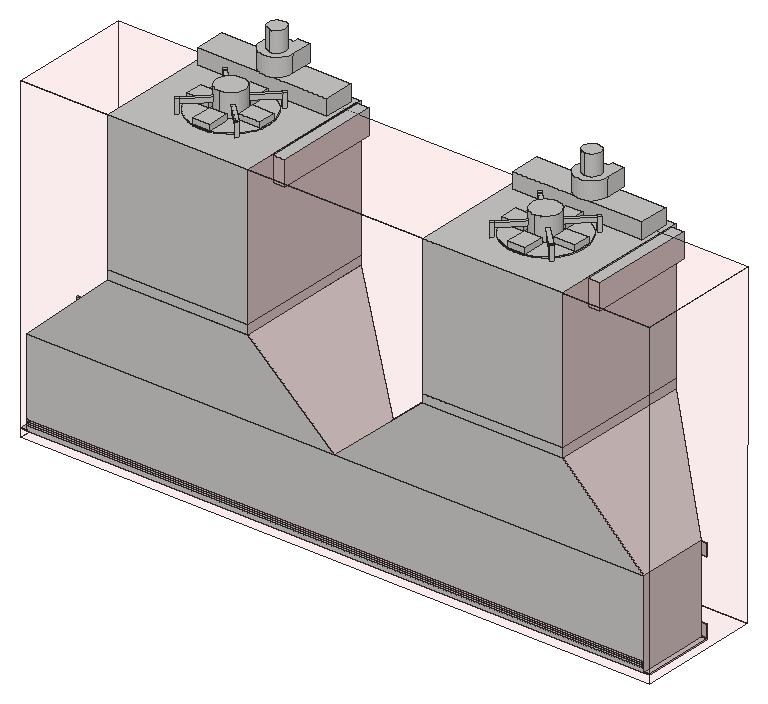
Revit family "Air-Curtain_Climate-Control_PoweredAire_TIG-2Heater", category Mechanical Equipment, host Face, Revit 2017
Family settings
  Host = Face
  Round Connector Dimension = Use Diameter
  Part Type = Normal
  OmniClass Number = 23.75.35.17.21
  OmniClass Title = Air Curtains
  Cut with Voids When Loaded = No
  Shared = No
  Room Calculation Point = No
Parameters (values of type "144'' Nozzle")
  upperrotation [instance] = 0.00°
  lowerrotation [instance] = 0.00°
  locateupperpipe [instance] = 0' - 0"
  locatelowerpipe [instance] = 0' - 0"
  Warranty Duration (Years) = 0
  Unit Width Notes = "Other Widths available."  # constant formula
  Unit Width = 12' - 3 7/32"
  Unit Weight = 1000
  Unit Height = 1' - 4 3/4"
  Unit Depth = 1' - 8 1/4"
  URL = "http://www.poweredaire.com/"
  Test Data = ""
  Standards Conformance = "ETL  ;  Made in USA"
  Specification = "http://www.arcat.com/sdspecs/htm04/23_34_33pai.htm"
  SpecWizard = ""
  Sound Pressure = ">63 dBA"
  Sales Information = "http://www.poweredaire.com/contact_us"
  Revision = "R1_2016-08"
  Projection from Host [instance] = 0' - 2"
  Product Properties = ""
  Product Data = "http://www.arcat.com/arcatcos/cos47/arc47623.html"
  Power Rating = 0 W
  Piping_Water Flow [instance] = 0 GPM
  Piping_Operating Pressure [instance] = 0.00 psi
  Piping_Exit Temperature [instance] = 0 °F
  Piping_Entry Temperature [instance] = 0 °F
  Pipe OD [instance] = 5/8"
  Overall Depth = 6' - 0 3/4"
  Nozzle Width = if(1 = 1, Unit Width - 0' 3", 0' 0")  # 12' - 0 7/32"
  Mounting Width = if(1 = 1, Unit Width - 0' 1 1/2", 0' 0")  # 12' - 1 23/32"
  Mounting Height [instance] = 3' - 6"
  Motor RPM = 1630
  Motor HP = 0.75
  Motor Count = 4
  Model = "TIG-4-144"
  Max Height = 12' - 0"
  Manufacturer Website = "http://www.poweredaire.com/"
  Manufacturer Phone - Toll Free = "888-321-2473"
  Manufacturer Phone = "724-588-3305"
  Manufacturer Fax = "724-588-3371"
  Manufacturer Address = "109 Mortensen Rd.  Greenville, PA 16125"
  Manufacturer = "Powered Aire, Inc"
  Maintenance Schedule (Months) = 0
  Keynote = "23 34 33"
  Installation-Fabrication = ""
  Installation Phase = ""
  Include Clearance [instance] = yes
  Heating Element Load = 0 W
  Heater Weight = 0
  Heater Hanging Width = 2' - 6 5/8"
  Heater Finish [instance] = Metal - Steel - PoweredAire - Stainless 304
  HVAC_Temperature Rise = 36 °F
  HVAC_Primary CFM = 0 CFM
  HVAC_Outlet Volume = 10200 CFM
  HVAC_Outlet Velocity Uniformity = 0.95
  HVAC_Outlet Velocity = 3700 FPM
  HVAC_Exit Temperature [instance] = 0 °F
  HVAC_BTU Output = 400000.0 Btu/h
  HVAC_BTU Input = 250000.0 Btu/h
  Green Building-LEED = "http://www.arcat.com/green/clients/leed_data_47623.html"
  Gas Connection Diameter [instance] = 0"
  Frame Finish [instance] = Metal - Steel - PoweredAire - Stainless 304
  Expected Lifespan (Years) = 0
  Exhaust Connection Diameter = 0' - 5"
  Electrical_Wattage [instance] = Power Rating + Heating Element Load  # 0 W
  Electrical_Voltage [instance] = 0 V
  Electrical_Phase [instance] = 1
  Electrical_Frequency [instance] = 0 Hz
  Electrical_Amperage [instance] = 0 A
  Drawn By = "Sumex Design, Inc. / Robert S. Weygant, CSI, CDT, SCIP"
  Description = "Powered Aire Indirect Gas Heated Climate Control Air Curtain - TIG-4-144 as Specified"
  Default Elevation = 0' - 0"  # constant formula
  Copyright = "©Arcat Inc."
  Construction Details = "http://www.arcat.com/details/powair/prod3336.html"
  Clearance_Top [instance] = 1' - 0"
  Clearance_Side B [instance] = 0' - 0"
  Clearance_Side A [instance] = 0' - 0"
  Clearance_Intake [instance] = 0' - 0"
  Clearance_Bottom [instance] = 0' - 0"
  Clearance Material [instance] = ARCAT Clearance
  Building Codes = ""
  Available Options [instance] = "as Specified"
  Assembly Code = "D3090400"
Types (3): name | Unit Width | Unit Weight | Nozzle Width | Mounting Width | Motor Count | Model | HVAC_Temperature Rise | HVAC_Outlet Volume | HVAC_Outlet Velocity Uniformity | HVAC_Outlet Velocity | HVAC_BTU Output | HVAC_BTU Input | Description
  144'' Nozzle | 12' - 3 7/32" | 1000 | 12' - 0 7/32" | 12' - 1 23/32" | 4 | "TIG-4-144" | 36 °F | 10200 CFM | 0.95 | 3700 FPM | 400000.0 Btu/h | 250000.0 Btu/h | "Powered Aire Indirect Gas Heated Climate Control Air Curtain - TIG-4-144 as Specified"
  132'' Nozzle | 11' - 3 5/32" | 830 | 11' - 0 5/32" | 11' - 1 21/32" | 3 | "TIG-3-132" | 39 °F | 7600 CFM | 0.94 | 2800 FPM | 320000.0 Btu/h | 200000.0 Btu/h | "Powered Aire Indirect Gas Heated Climate Control Air Curtain - TIG-3-132 as Specified"
  120'' Nozzle | 10' - 3 5/32" | 680 | 10' - 0 5/32" | 10' - 1 21/32" | 3 | "TIG-3-120" | 39 °F | 7600 CFM | 0.95 | 3200 FPM | 320000.0 Btu/h | 200000.0 Btu/h | "Powered Aire Indirect Gas Heated Climate Control Air Curtain - TIG-3-120 as Specified"
Reference planes (in)
  plane 1 "Center (Elevation)": y = 0.13818
  plane 2: z = 0
  plane 3 "Center (Left/Right)": x = 0
  plane 4 "Top": y = 8.51318
  plane 5: y = -8.23682
  plane 6: x = -73.60937
  plane 7: x = 73.60938
  plane 8 "Front": z = 22.25
  plane 9 "FF": y = -41.86182
  plane 10: z = 2
  plane 11: x = 72.10937
  plane 12: x = -72.10937
  plane 13: y = 20.51318
  plane 14: y = -8.23682
  plane 15: x = -73.60937
  plane 16: x = 73.60938
  plane 17: z = 74.75
  plane 18: x = 72.04688
  plane 19: x = -72.04687
  plane 20: x = 72.10937
  plane 21: x = 72.10937
  plane 22: y = 6.01318
  plane 23: y = -5.73682
  plane 24: z = 74.75
  plane 25: z = 42.25
  plane 26: z = 40.25
  plane 27: x = -52.11719
  plane 28: x = -21.49219
  plane 29: x = -53.17969
  plane 30: x = -20.42969
  plane 31: x = 21.49219
  plane 32: x = 52.11719
  plane 33: x = 20.42969
  plane 34: x = 53.17969
  plane 35: x = -36.80469
  plane 36: x = 36.80469
Forms (in)
  Extrusion 1, solid, material "Metal - Steel - PoweredAire - Stainless 304" <- "Frame Finish"
    sketch origin (0, 0, 0) x (0, 1, 0) y (0, 0, 1)
      loop
        line (-8.23682, 2) -> (8.51318, 2) -> (8.51318, 22.25) -> (-8.23682, 22.25) -> (-8.23682, 2)
    from -72.10937 to 72.10937
  Extrusion 2, solid, material "ARCAT Clearance" <- "Clearance Material", visible <- "Include Clearance"
    sketch origin (0, 0, 0) x (0, 1, 0) y (0, 0, 1)
      loop
        line (-8.23682, 74.75) -> (-8.23682, 0) -> (20.51318, 0) -> (20.51318, 74.75) -> (-8.23682, 74.75)
    from -73.60938 to 73.60937
  Extrusion 3, solid, material "Metal - Steel - PoweredAire - Stainless 304" <- "Frame Finish"
    sketch origin (-15.17702, -180, 2) x (-1, 0, 0) y (0, -1, 0)
      loop
        line (-87.2864, -188.51318) -> (-87.2864, -171.76318) -> (-88.7864, -171.76318) -> (-88.7864, -188.51318) -> (-87.2864, -188.51318)
      loop
        line (56.93235, -188.51318) -> (58.43235, -188.51318) -> (58.43235, -171.76318) -> (56.93235, -171.76318) -> (56.93235, -188.51318)
    from 0 to 0.125
  Extrusion 4, solid, material "Metal - Steel - PoweredAire - Stainless 304" <- "Frame Finish"
    sketch origin (-11.83813, 8.51318, 48) x (-1, 0, 0) y (0, 0, 1)
      loop
        line (-83.9475, -45.5) -> (-83.9475, -42.75) -> (-85.4475, -42.75) -> (-85.4475, -45.5) -> (-83.9475, -45.5)
      loop
        line (-83.9475, -28.5) -> (-83.9475, -25.75) -> (-85.4475, -25.75) -> (-85.4475, -28.5) -> (-83.9475, -28.5)
      loop
        line (60.27125, -45.5) -> (61.77125, -45.5) -> (61.77125, -42.75) -> (60.27125, -42.75) -> (60.27125, -45.5)
      loop
        line (60.27125, -28.5) -> (61.77125, -28.5) -> (61.77125, -25.75) -> (60.27125, -25.75) -> (60.27125, -28.5)
    from 0 to -0.125
  Extrusion 5, void
    sketch origin (0, 0, 0) x (0, 1, 0) y (0, 0, 1)
      loop
        line (-8.23682, 3) -> (-7.23682, 3) -> (-7.23682, 4.5) -> (-8.23682, 4.5) -> (-8.23682, 3.82425) -> (-7.38364, 3.82425) -> (-7.38364, 3.57425) -> (-8.23682, 3.57425) -> (-8.23682, 3)
    from -72.04687 to 72.04687
  Blend 6, solid, material "Metal - Steel - PoweredAire - Stainless 304" <- "Frame Finish"
    base sketch origin (-15.17702, -180, 22.25) x (-1, 0, 0) y (0, -1, 0)
      loop
        line (56.93235, -188.51318) -> (56.93235, -171.76318) -> (-15.17702, -171.76318) -> (-15.17702, -188.51318) -> (56.93235, -188.51318)
    top sketch origin (-15.17702, -180, 22.25) x (-1, 0, 0) y (0, -1, 0)
      loop
        line (38.00267, -171.76318) -> (5.25267, -171.76318) -> (5.25267, -204.76318) -> (38.00267, -204.76318) -> (38.00267, -171.76318)
    from 0 to 18
  Blend 7, solid, material "Metal - Steel - PoweredAire - Stainless 304" <- "Frame Finish"
    base sketch origin (15.17702, -180, 22.25) x (1, 0, 0) y (0, 1, 0)
      loop
        line (56.93235, 188.51318) -> (-15.17702, 188.51318) -> (-15.17702, 171.76318) -> (56.93235, 171.76318) -> (56.93235, 188.51318)
    top sketch origin (15.17702, -180, 22.25) x (1, 0, 0) y (0, 1, 0)
      loop
        line (38.00267, 171.76318) -> (38.00267, 204.76318) -> (5.25267, 204.76318) -> (5.25267, 171.76318) -> (38.00267, 171.76318)
    from 0 to 18
Cuts and joins
  Extrusion 5 cuts Extrusion 1
Dimensions and locks (in)
  equal spacing: plane 4 "Top", plane 1 "Center (Elevation)", plane 5
  "Unit Height": plane 4 "Top" to plane 5
  "Unit Width": plane 6 to plane 7
  "Mounting Height": plane 1 "Center (Elevation)" to plane 9 "FF"
  "Projection from Host": plane 10 to level
  "Unit Depth": plane 8 "Front" to plane 10
  locked: plane 6 to plane 12 at 1.5
  locked: plane 11 to plane 7 at 1.5
  "Clearance_Side A": plane 7 to plane 16
  "Clearance_Side B": plane 15 to plane 6
  "Clearance_Top": plane 13 to plane 4 "Top"
  "Clearance_Bottom": plane 5 to plane 14
  "Clearance_Intake": plane 17 to plane 24
  Extrusion 5 sketch curve to Extrusion 5 sketch curve to Extrusion 5 sketch curve to Extrusion 5 sketch curve to plane 10 = 0' - 0.67575" locked, 0' - 0 1/4" locked, 0' - 0.57425" locked, 0' - 1" locked
  plane 5 to Extrusion 5 sketch curve to Extrusion 5 sketch curve = 0' - 0.85319" locked, 0' - 0.14681" locked
  locked: plane 19 to plane 12 at 0.0625
  locked: plane 11 to plane 18 at 0.0625
  "locateupperpipe": plane 20 to plane 11
  "locatelowerpipe": plane 21 to plane 11
  locked: plane 4 "Top" to plane 22 at 2.5
  locked: plane 23 to plane 5 at 2.5
  "Overall Depth": plane 24 to plane 10
  locked: plane 25 to plane 26 at 2
  locked: plane 24 to plane 25 at 32.5
  locked: Blend 6 sketch curve to plane 5 at 33
  Extrusion 4 sketch curve to Extrusion 4 sketch curve to plane 10 = 0' - 2 3/4" locked, 0' - 0 1/2" locked  (x2)
  plane 8 "Front" to Extrusion 4 sketch curve to Extrusion 4 sketch curve = 0' - 0" locked, 0' - 2 3/4" locked  (x2)
  locked: plane 28 to plane 30 at 1.0625
  locked: plane 29 to plane 27 at 1.0625
  locked: plane 32 to plane 34 at 1.0625
  locked: plane 33 to plane 31 at 1.0625
  equal spacing: plane 6, plane 35, plane 3 "Center (Left/Right)", plane 36, plane 7
  equal spacing: plane 27, plane 35, plane 28
  "Heater Hanging Width": plane 27 to plane 28
  equal spacing: plane 31, plane 36, plane 32
  "Heater Hanging Width": plane 31 to plane 32
  locked: Blend 7 sketch curve to plane 5 at 33
  aligned and locked: plane 2 to host face
  aligned and locked: level to host face
  aligned and locked: Extrusion 2 sketch curve to plane 17
  aligned and locked: plane 14 to Extrusion 2 sketch curve
  aligned and locked: level to Extrusion 2 sketch curve
  aligned and locked: Extrusion 2 sketch curve to plane 13
  aligned and locked: plane 16 to Extrusion 2
  aligned and locked: Extrusion 2 to plane 15
  aligned and locked: plane 11 to Extrusion 1
  aligned and locked: Extrusion 1 to plane 12
  aligned and locked: Extrusion 1 sketch curve to plane 8 "Front"
  aligned and locked: plane 24 to nested 1
  aligned and locked: plane 5 to Blend 6 sketch curve
  aligned and locked: plane 12 to Blend 6 sketch curve
  aligned and locked: Blend 6 sketch curve to plane 4 "Top"
  aligned and locked: Blend 6 sketch curve to plane 5
  aligned and locked: plane 26 to Blend 6
  aligned and locked: plane 35 to nested 1
  aligned and locked: plane 36 to nested 2
  aligned and locked: plane 24 to nested 2
  aligned and locked: Blend 6 sketch curve to plane 3 "Center (Left/Right)"
  aligned and locked: Blend 6 sketch curve to plane 29
  aligned and locked: plane 30 to Blend 6 sketch curve
  aligned and locked: Blend 7 sketch curve to plane 5  (x2)
  aligned and locked: Blend 7 sketch curve to plane 3 "Center (Left/Right)"
  aligned and locked: plane 11 to Blend 7 sketch curve
  aligned and locked: Blend 7 sketch curve to plane 4 "Top"
  aligned and locked: plane 33 to Blend 7 sketch curve
  aligned and locked: Blend 7 sketch curve to plane 34
  aligned and locked: plane 18 to cut or joined group of Extrusion 1, Extrusion 5
  aligned and locked: cut or joined group of Extrusion 1, Extrusion 5 to plane 19
Automatic sketch dimensions
  host sketch curve to host sketch curve = 8' - 0"  (x2)
  Extrusion 1 sketch curve to plane 5 = 0' - 0"
  Extrusion 1 sketch curve to plane 4 "Top" = 0' - 0"
  Extrusion 1 sketch curve to plane 10 = 0' - 0"
  plane 4 "Top" to Extrusion 3 sketch curve = 0' - 0"
  Extrusion 3 sketch curve to plane 7 = 0' - 0"
  plane 5 to Extrusion 3 sketch curve = 0' - 0"
  Extrusion 3 sketch curve to plane 11 = 0' - 0"
  Extrusion 3 sketch curve to plane 4 "Top" = 0' - 0"
  Extrusion 3 sketch curve to plane 12 = 0' - 0"
  Extrusion 3 sketch curve to plane 6 = 0' - 0"
  Extrusion 3 sketch curve to plane 5 = 0' - 0"
  Extrusion 4 sketch curve to plane 7 = 0' - 0"  (x2)
  Extrusion 4 sketch curve to plane 11 = 0' - 0"  (x2)
  Extrusion 4 sketch curve to plane 12 = 0' - 0"  (x2)
  Extrusion 4 sketch curve to plane 6 = 0' - 0"  (x2)
  Extrusion 5 sketch curve to plane 5 = 0' - 0"  (x2)
Nested families (in)
  nested 1: "Heater" at (-36.80469, -8.23682, 42.2987) x (1, 0, 0) z (0, 1, 0), finish <- "Heater Finish", burner width <- "Heater Hanging Width", type "Heater"
    with finish Metal - Steel - PoweredAire - Stainless 304, burner width 2' - 6 5/8", Two Fan no, One Fan yes
  nested 2: "Heater" at (36.80469, -8.23682, 42.2987) x (1, 0, 0) z (0, 1, 0), finish <- "Heater Finish", burner width <- "Heater Hanging Width", type "Heater"
    with finish Metal - Steel - PoweredAire - Stainless 304, burner width 2' - 6 5/8", Two Fan no, One Fan yes
Connectors (in)
  electrical at (-72.10937, 0.13818, 12.125), driven by "Electrical_Voltage", driven by "Electrical_Phase"
    settings: on cut or joined group of Extrusion 1, Extrusion 5, index 3, voltage 0 V, apparent load 0 VA, apparent load phase1 0 VA, apparent load phase2 0 VA, apparent load phase3 0 VA, power factor 1, load classification "Motor", number of poles 1, system type 31, power factor state 1, is connector primary yes, connector utility no, sub classification motor no, connector description ""
  hvac at (-33.80469, 24.76318, 80.40625), driven by "Exhaust Connection Diameter", driven by "HVAC_Primary CFM"
    settings: on nested 1, index 4, duct flow 0 CFM, flow factor 0, pres drop 0.00 in-wg, loss coef 0, conn angle 0.00°, conn width 12", conn height 12", conn diameter 5", duct sys type 3, conn prof type 0, flow config 0, flow direction 2, loss method 0, conn ref index -1, conn util no, is conn primary yes, conn desc ""
  hvac at (39.80469, 24.76318, 80.40625), driven by "HVAC_Primary CFM", driven by "Exhaust Connection Diameter"
    settings: on nested 2, index 5, duct flow 0 CFM, flow factor 0, pres drop 0.00 in-wg, loss coef 0, conn angle 0.00°, conn width 12", conn height 12", conn diameter 5", duct sys type 3, conn prof type 0, flow config 0, flow direction 2, loss method 0, conn ref index -1, conn util no, is conn primary no, conn desc ""
Definition of nested family "Heater"
  Parameters
    finish [instance] = none
    burner width [instance] = 4' - 0 5/8"
    burner depth = 3' - 8 3/4"
    Two Fan [instance] = burner width > 4' 0"  # yes
    One Fan [instance] = burner width < 4' 0"  # no
    Default Elevation = 0' - 0"  # constant formula
  Reference planes (in)
    plane 1 "Center (Front/Back)": y = 0
    plane 2: z = 0
    plane 3 "Center (Left/Right)": x = 0
    plane 4: x = -25.375
    plane 5: x = 25.375
    plane 6: z = 33
    plane 7: y = -44.75
    plane 8: x = 3
    plane 9: x = 4.375
    plane 10: x = -12.6875
    plane 11: x = 12.6875
    plane 12: z = 15.5
    plane 13: x = -24.3125
    plane 14: x = 24.3125
  Forms (in)
    Extrusion 1, solid, material <- "finish"
      sketch origin (-74.94554, -3, 38.65968) x (0, 0, 1) y (1, 0, 0)
        loop
          line (-5.65968, 49.57054) -> (-5.65968, 100.32054) -> (-38.65968, 100.32054) -> (-38.65968, 49.57054) -> (-5.65968, 49.57054)
      from 3 to -29.4513
    Extrusion 2, solid, material <- "finish"
      sketch origin (0, 0, 0) x (0, 1, 0) y (0, 0, 1)
        loop
          line (2, 0) -> (2, 33) -> (0, 33) -> (0, 0) -> (2, 0)
      from -25.375 to 25.375
    Extrusion 3, solid, material <- "finish"
      sketch origin (-74.94554, -32.4513, 38.65968) x (0, 0, 1) y (1, 0, 0)
        loop
          line (-6.91591, 50.82971) -> (-6.91591, 99.10844) -> (-13.91591, 99.10844) -> (-13.91591, 50.82971) -> (-6.91591, 50.82971)
      from 0 to -3.625
    Extrusion 4, solid, material <- "finish"
      sketch origin (-74.94554, -36.0763, 38.65968) x (0, 0, 1) y (1, 0, 0)
        loop
          arc (-10.4052, 79.32054) -> (-12.67312, 72.60509) -> (-6.79809, 76.57054) r 3.74068
          line (-6.79809, 76.57054) -> (-5.65968, 76.57054) -> (-5.65968, 79.32054) -> (-10.4052, 79.32054)
      from 0 to -4.0625
    Extrusion 5, solid, material <- "finish"
      sketch origin (-73.58006, -40.1388, 35.52564) x (0, 0, -1) y (1, 0, 0)
        loop
          circle (7.27116, 74.21438) r 2
      from 4.6112 to 0
    Extrusion 6, solid, material <- "finish"
      sketch origin (0, 0, 0) x (1, 0, 0) y (0, 1, 0)
        loop
          line (28.3125, -32.4513) -> (28.3125, -26.7013) -> (25.3125, -26.7013) -> (25.3125, -32.4513) -> (28.3125, -32.4513)
      from 7.25 to 31.75
    Extrusion 7, solid, material <- "finish", visible <- "Two Fan"
      sketch origin (0, 0, 0) x (0, 1, 0) y (0, 0, 1)
        loop
          line (-32.4513, 6.22268) -> (-44.15658, 5.1986) -> (-44.15658, 4.4486) -> (-32.4513, 4.85736) -> (-32.4513, 6.22268)
      from -25.375 to 25.375
  Dimensions and locks (in)
    locked: Extrusion 4 sketch curve to Extrusion 4 sketch curve at 2.75
    "burner width": plane 13 to plane 14
    locked: plane 6 to level at 33
    "burner depth": plane 7 to plane 1 "Center (Front/Back)"
    locked: plane 8 to plane 9 at 1.375
    Extrusion 4 sketch curve to Extrusion 4 sketch curve to plane 8 = 0' - 0.99068" locked, 0' - 1 3/8" locked
    locked: Extrusion 5 sketch curve to plane 8 at 2.36568
    locked: plane 8 to plane 3 "Center (Left/Right)" at 3
    Extrusion 6 sketch curve to plane 5 to Extrusion 6 sketch curve = 0' - 0 1/16" locked, 0' - 2 15/16" locked
    equal spacing: plane 5, plane 11, plane 3 "Center (Left/Right)", plane 10, plane 4
    locked: plane 4 to plane 13 at 1.0625
    locked: plane 14 to plane 5 at 1.0625
    aligned and locked: plane 2 to level
    aligned: Extrusion 4 to Extrusion 5
    aligned: Extrusion 3 to Extrusion 2  (x2)
    aligned and locked: plane 7 to Extrusion 5
    aligned and locked: plane 4 to Extrusion 1 sketch curve
    aligned and locked: Extrusion 1 sketch curve to plane 5
    aligned and locked: Extrusion 7 to plane 4
    aligned and locked: plane 5 to Extrusion 7
    aligned and locked: plane 12 to nested 1
    aligned and locked: plane 3 "Center (Left/Right)" to nested 1
    aligned and locked: plane 12 to nested 3
    aligned and locked: plane 11 to nested 3
    aligned and locked: plane 10 to nested 2
    aligned and locked: plane 12 to nested 2
    aligned and locked: plane 5 to Extrusion 2
    aligned and locked: Extrusion 2 to plane 4
  Automatic sketch dimensions
    Extrusion 1 to Extrusion 3 sketch curve = 0' - 1.25917"
    Extrusion 1 to Extrusion 3 sketch curve = 0' - 8.25624"
    Extrusion 1 to Extrusion 3 sketch curve = 0' - 1.2121"
    Extrusion 1 to Extrusion 3 sketch curve = 0' - 1.25624"
    Extrusion 4 sketch curve to Extrusion 3 = 0' - 0.11782"
    Extrusion 4 sketch curve to Extrusion 3 = 0' - 1.25624"
    Extrusion 5 sketch curve to Extrusion 4 = 0' - 4.74552"
    Extrusion 1 sketch curve to level = 0' - 0"
    Extrusion 1 sketch curve to plane 6 = 0' - 0"
    Extrusion 2 sketch curve to level = 0' - 0"
    Extrusion 2 sketch curve to plane 1 "Center (Front/Back)" = 0' - 0"
    Extrusion 2 sketch curve to plane 6 = 0' - 0"
    Extrusion 2 sketch curve to Extrusion 2 sketch curve = 0' - 2"
    Extrusion 6 sketch curve to plane 7 = 1' - 0.2987"
    Extrusion 6 sketch curve to Extrusion 6 sketch curve = 0' - 5 3/4"
    Extrusion 7 sketch curve to plane 7 = 0' - 0.59342"
    level to Extrusion 7 sketch curve = 0' - 4.4486"
    Extrusion 7 sketch curve to Extrusion 7 sketch curve = 0' - 0 3/4"
    level to Extrusion 7 sketch curve = 0' - 4.85736"
    Extrusion 7 sketch curve to Extrusion 7 sketch curve = 0' - 11.70529"
    Extrusion 7 sketch curve to Extrusion 7 sketch curve = 0' - 1.36532"
    radius of Extrusion 5 sketch curve = 0' - 2"
  Nested families (in)
    nested 1: "FanControls" at (0, -32.4513, 15.5) x (1, 0, 0) z (0, -1, 0), finish <- "finish", visible <- "One Fan", type "FanControls"
      with finish none
    nested 2: "FanControls" at (-12.6875, -32.4513, 15.5) x (1, 0, 0) z (0, -1, 0), finish <- "finish", visible <- "Two Fan", type "FanControls"
      with finish none
    nested 3: "FanControls" at (12.6875, -32.4513, 15.5) x (1, 0, 0) z (0, -1, 0), finish <- "finish", visible <- "Two Fan", type "FanControls"
      with finish none
  Definition of nested family "FanControls"
    Parameters
      finish [instance] = none
      Default Elevation = 4' - 0"
    Reference planes (in)
      plane 1 "Center (Front/Back)": y = 0
      plane 2: z = 0
      plane 3 "Center (Left/Right)": x = 0
    Forms (in)
      Extrusion 1, solid, material <- "finish"
        sketch origin (-75.00804, 32.07233, 0) x (1, 0, 0) y (0, -1, 0)
          loop
            circle (75.00804, 32.07233) r 3.25
        from -5.33075 to 0
      Extrusion 2, solid, material <- "finish"
        sketch origin (24.44581, -78.06044, 0) x (1, 0, 0) y (0, -1, 0)
          loop
            line (-22.50831, -86.58776) -> (-22.50831, -81.58776) -> (-26.50831, -81.58776) -> (-26.50831, -86.58776) -> (-22.50831, -86.58776)
          loop
            line (-22.50831, -69.53312) -> (-26.50831, -69.53312) -> (-26.50831, -74.53312) -> (-22.50831, -74.53312) -> (-22.50831, -69.53312)
          loop
            line (-15.98099, -76.06044) -> (-20.98099, -76.06044) -> (-20.98099, -80.06044) -> (-15.98099, -80.06044) -> (-15.98099, -76.06044)
          loop
            line (-33.03563, -76.06044) -> (-33.03563, -80.06044) -> (-28.03563, -80.06044) -> (-28.03563, -76.06044) -> (-33.03563, -76.06044)
        from 0 to -1.37288
      Extrusion 3, solid, material <- "finish"
        sketch origin (-75.00804, 21.40968, 0) x (1, 0, 0) y (0, -1, 0)
          loop
            line (68.02536, 14.95733) -> (68.55569, 14.427) -> (75.00804, 20.87935) -> (81.46039, 14.427) -> (81.99072, 14.95733) -> (75.53837, 21.40968) -> (81.99072, 27.86203) -> (81.46039, 28.39236) -> (75.00804, 21.94001) -> (68.55569, 28.39236) -> (68.02536, 27.86203) -> (74.47771, 21.40968) -> (68.02536, 14.95733)
        from -3.1123 to -2
      Extrusion 4, solid, material <- "finish"
        sketch origin (-75.00804, 21.40968, 0) x (1, 0, 0) y (0, -1, 0)
          loop
            line (68.02536, 13.89667) -> (68.55569, 14.427) -> (68.02536, 14.95733) -> (67.49503, 14.427) -> (68.02536, 13.89667)
          loop
            line (82.52105, 14.427) -> (81.99072, 14.95733) -> (81.46039, 14.427) -> (81.99072, 13.89667) -> (82.52105, 14.427)
          loop
            line (81.99072, 28.92269) -> (81.46039, 28.39236) -> (81.99072, 27.86203) -> (82.52105, 28.39236) -> (81.99072, 28.92269)
          loop
            line (67.49503, 28.39236) -> (68.02536, 27.86203) -> (68.55569, 28.39236) -> (68.02536, 28.92269) -> (67.49503, 28.39236)
        from 0 to -3.1123
      Extrusion 5, solid, material <- "finish"
        sketch origin (0, 0, 0) x (1, 0, 0) y (0, 1, 0)
          loop
            circle (0, 0) r 9
        from 0 to 0.14961
    Dimensions and locks (in)
      Extrusion 4 sketch curve to Extrusion 4 sketch curve to Extrusion 4 sketch curve to Extrusion 4 sketch curve = 0' - 0.53033" locked, 0' - 0" locked, 0' - 0.53033" locked  (x4)
      Extrusion 3 sketch curve to Extrusion 3 sketch curve to Extrusion 3 sketch curve to Extrusion 3 sketch curve to Extrusion 3 sketch curve = 0' - 5.92202" locked, 0' - 0" locked, 0' - 0.53033" locked, 0' - 0" locked
      Extrusion 3 sketch curve to Extrusion 3 sketch curve to Extrusion 3 sketch curve to Extrusion 3 sketch curve to Extrusion 3 sketch curve = 0' - 0" locked, 0' - 0.53033" locked, 0' - 0" locked, 0' - 5.92202" locked
      locked: Extrusion 2 sketch curve to Extrusion 2 sketch curve at 5  (x2)
      aligned and locked: plane 2 to level
